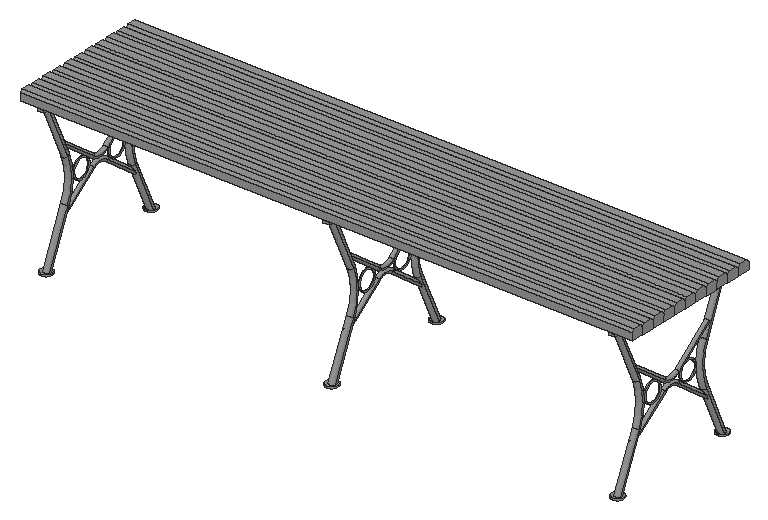
Revit family "6722 Стол садовый «Бульвар» Хоббика", category Антураж, Revit 2018
Family settings
  На основе рабочей плоскости = Нет
  Всегда вертикально = Да
  При загрузке вырезать с полостями = Нет
  Источник визуального образа = Геометрия семейства
  Общий = Нет
  Точка расчета площади = Нет
Parameters (values of type "Версия 3,0 м")
  Ширна = 710 mm  # constant formula
  Цвет столешници = Дерево
  Цвет опор = Сталь
  Средняя опора = [Версия 3,0 м]  # yes
  Описание = if([Версия 1,2 м], "Стол садовый «Бульвар». Версия 1,2 м", if([Версия 1,5 м], "Стол садовый «Бульвар». Версия 1,5 м", if([Версия 1,8 м], "Стол садовый «Бульвар». Версия 1,8 м", if([Версия 2,0 м], "Стол садовый «Бульвар». Версия 2,0 м", "Стол садовый «Бульвар». Версия 3,0 м"))))  # "Стол садовый «Бульвар». Версия 3,0 м"
  Материал изделия = "Сталь, дерево"  # constant formula
  Изображение типоразмера = Стол садовый «Бульвар» Арт 6722.jpg
  Изготовитель = "ООО «Хоббика»"  # constant formula
  Длина = if([Версия 1,2 м], 1200 mm, if([Версия 1,5 м], 1500 mm, if([Версия 1,8 м], 1800 mm, if([Версия 2,0 м], 2000 mm, 3000 mm))))  # 3000 mm
  Группа модели = "Садовые столы"  # constant formula
  Высота = 780 mm  # constant formula
  Версия 3,0 м = yes
  Версия 2,0 м = no
  Версия 1,8 м = no
  Версия 1,5 м = no
  Версия 1,2 м = no
  Артикул товара = "Арт. 6722"  # constant formula
  URL = "https://hobbyka.ru/product/stol_sadovyi_bulvar"
Types (6, lengths in mm): name | Средняя опора | Описание | Длина | Версия 3,0 м | Версия 2,0 м | Версия 1,8 м | Версия 1,5 м | Версия 1,2 м
  (no name) | yes | "Стол садовый «Бульвар». Версия 3,0 м" | 3000 | yes | no | no | no | no
  Версия 1,2 м | no | "Стол садовый «Бульвар». Версия 1,2 м" | 1200 | no | no | no | no | yes
  Версия 1,5 м | no | "Стол садовый «Бульвар». Версия 1,5 м" | 1500 | no | no | no | yes | no
  Версия 1,8 м | no | "Стол садовый «Бульвар». Версия 1,8 м" | 1800 | no | no | yes | no | no
  Версия 2,0 м | no | "Стол садовый «Бульвар». Версия 2,0 м" | 2000 | no | yes | no | no | no
  Версия 3,0 м | yes | "Стол садовый «Бульвар». Версия 3,0 м" | 3000 | yes | no | no | no | no
Reference planes
  plane 1 "По центру (Вперед/Назад)": y = 0
  plane 2: z = 0
  plane 3 "По центру (Влево/Вправо)": x = 0
  plane 4: y = 710
  plane 5: x = 3000
  plane 6: z = 780
Forms (mm)
  Extrusion 1, solid, material "Дерево" <- "Цвет столешници"
    sketch origin (0, 0, 0) x (0, 1, 0) y (0, 0, 1)
      loop
        line (660, 780) -> (650, 770) -> (650, 732.202) -> (710, 732.202) -> (710, 770) -> (700, 780) -> (660, 780)
    from 0 to 3000
  Extrusion 2, solid, material "Дерево" <- "Цвет столешници"
    sketch origin (0, -650, 0) x (0, 1, 0) y (0, 0, 1)
      loop
        line (660, 780) -> (650, 770) -> (650, 732.202) -> (710, 732.202) -> (710, 770) -> (700, 780) -> (660, 780)
    from 0 to 3000
  Extrusion 3, solid, material "Дерево" <- "Цвет столешници"
    sketch origin (0, -65, 0) x (0, 1, 0) y (0, 0, 1)
      loop
        line (660, 780) -> (650, 770) -> (650, 732.202) -> (710, 732.202) -> (710, 770) -> (700, 780) -> (660, 780)
    from 0 to 3000
  Extrusion 4, solid, material "Дерево" <- "Цвет столешници"
    sketch origin (0, -130, 0) x (0, 1, 0) y (0, 0, 1)
      loop
        line (660, 780) -> (650, 770) -> (650, 732.202) -> (710, 732.202) -> (710, 770) -> (700, 780) -> (660, 780)
    from 0 to 3000
  Extrusion 5, solid, material "Дерево" <- "Цвет столешници"
    sketch origin (0, -195, 0) x (0, 1, 0) y (0, 0, 1)
      loop
        line (660, 780) -> (650, 770) -> (650, 732.202) -> (710, 732.202) -> (710, 770) -> (700, 780) -> (660, 780)
    from 0 to 3000
  Extrusion 6, solid, material "Дерево" <- "Цвет столешници"
    sketch origin (0, -260, 0) x (0, 1, 0) y (0, 0, 1)
      loop
        line (660, 780) -> (650, 770) -> (650, 732.202) -> (710, 732.202) -> (710, 770) -> (700, 780) -> (660, 780)
    from 0 to 3000
  Extrusion 7, solid, material "Дерево" <- "Цвет столешници"
    sketch origin (0, -325, 0) x (0, 1, 0) y (0, 0, 1)
      loop
        line (660, 780) -> (650, 770) -> (650, 732.202) -> (710, 732.202) -> (710, 770) -> (700, 780) -> (660, 780)
    from 0 to 3000
  Extrusion 8, solid, material "Дерево" <- "Цвет столешници"
    sketch origin (0, -390, 0) x (0, 1, 0) y (0, 0, 1)
      loop
        line (660, 780) -> (650, 770) -> (650, 732.202) -> (710, 732.202) -> (710, 770) -> (700, 780) -> (660, 780)
    from 0 to 3000
  Extrusion 9, solid, material "Дерево" <- "Цвет столешници"
    sketch origin (0, -455, 0) x (0, 1, 0) y (0, 0, 1)
      loop
        line (660, 780) -> (650, 770) -> (650, 732.202) -> (710, 732.202) -> (710, 770) -> (700, 780) -> (660, 780)
    from 0 to 3000
  Extrusion 10, solid, material "Дерево" <- "Цвет столешници"
    sketch origin (0, -520, 0) x (0, 1, 0) y (0, 0, 1)
      loop
        line (660, 780) -> (650, 770) -> (650, 732.202) -> (710, 732.202) -> (710, 770) -> (700, 780) -> (660, 780)
    from 0 to 3000
  Extrusion 11, solid, material "Дерево" <- "Цвет столешници"
    sketch origin (0, -585, 0) x (0, 1, 0) y (0, 0, 1)
      loop
        line (660, 780) -> (650, 770) -> (650, 732.202) -> (710, 732.202) -> (710, 770) -> (700, 780) -> (660, 780)
    from 0 to 3000
Dimensions and locks
  "Длина": plane 3 "По центру (Влево/Вправо)" to plane 5
  "Ширна": plane 4 to plane 1 "По центру (Вперед/Назад)"
  locked: plane 3 "По центру (Влево/Вправо)" to nested 1 at 100
  locked: nested 3 to plane 5 at 100
  equal spacing: plane 3 "По центру (Влево/Вправо)", nested 2, plane 5
  "Высота": plane 6 to plane 2
  aligned and locked: level to plane 2
  aligned and locked: plane 1 "По центру (Вперед/Назад)" to nested 1
  aligned and locked: plane 1 "По центру (Вперед/Назад)" to nested 2
  aligned and locked: plane 1 "По центру (Вперед/Назад)" to nested 3
  aligned and locked: Extrusion 1 to plane 3 "По центру (Влево/Вправо)"
  aligned and locked: plane 5 to Extrusion 1
  aligned and locked: plane 5 to Extrusion 3
  aligned and locked: plane 5 to Extrusion 5
  aligned and locked: plane 5 to Extrusion 4
  aligned and locked: plane 5 to Extrusion 6
  aligned and locked: plane 5 to Extrusion 7
  aligned and locked: plane 5 to Extrusion 8
  aligned and locked: plane 5 to Extrusion 9
  aligned and locked: plane 5 to Extrusion 10
  aligned and locked: plane 5 to Extrusion 11
  aligned and locked: plane 5 to Extrusion 2
Automatic sketch dimensions
  Extrusion 1 sketch curve to Extrusion 1 sketch curve = 47.798 mm
  Extrusion 1 sketch curve to Extrusion 1 sketch curve = 10 mm  (x4)
  Extrusion 1 sketch curve to Extrusion 1 sketch curve = 40 mm
  Extrusion 2 sketch curve to Extrusion 2 sketch curve = 47.798 mm
  Extrusion 2 sketch curve to Extrusion 2 sketch curve = 10 mm  (x4)
  Extrusion 2 sketch curve to Extrusion 2 sketch curve = 40 mm
  Extrusion 3 sketch curve to Extrusion 3 sketch curve = 47.798 mm
  Extrusion 3 sketch curve to Extrusion 3 sketch curve = 10 mm  (x4)
  Extrusion 3 sketch curve to Extrusion 3 sketch curve = 40 mm
  Extrusion 4 sketch curve to Extrusion 4 sketch curve = 47.798 mm
  Extrusion 4 sketch curve to Extrusion 4 sketch curve = 10 mm  (x4)
  Extrusion 4 sketch curve to Extrusion 4 sketch curve = 40 mm
  Extrusion 5 sketch curve to Extrusion 5 sketch curve = 47.798 mm
  Extrusion 5 sketch curve to Extrusion 5 sketch curve = 10 mm  (x4)
  Extrusion 5 sketch curve to Extrusion 5 sketch curve = 40 mm
  Extrusion 6 sketch curve to Extrusion 6 sketch curve = 47.798 mm
  Extrusion 6 sketch curve to Extrusion 6 sketch curve = 10 mm  (x4)
  Extrusion 6 sketch curve to Extrusion 6 sketch curve = 40 mm
  Extrusion 7 sketch curve to Extrusion 7 sketch curve = 47.798 mm
  Extrusion 7 sketch curve to Extrusion 7 sketch curve = 10 mm  (x4)
  Extrusion 7 sketch curve to Extrusion 7 sketch curve = 40 mm
  Extrusion 8 sketch curve to Extrusion 8 sketch curve = 47.798 mm
  Extrusion 8 sketch curve to Extrusion 8 sketch curve = 10 mm  (x4)
  Extrusion 8 sketch curve to Extrusion 8 sketch curve = 40 mm
  Extrusion 9 sketch curve to Extrusion 9 sketch curve = 47.798 mm
  Extrusion 9 sketch curve to Extrusion 9 sketch curve = 10 mm  (x4)
  Extrusion 9 sketch curve to Extrusion 9 sketch curve = 40 mm
  Extrusion 10 sketch curve to Extrusion 10 sketch curve = 47.798 mm
  Extrusion 10 sketch curve to Extrusion 10 sketch curve = 10 mm  (x4)
  Extrusion 10 sketch curve to Extrusion 10 sketch curve = 40 mm
  Extrusion 11 sketch curve to Extrusion 11 sketch curve = 47.798 mm
  Extrusion 11 sketch curve to Extrusion 11 sketch curve = 10 mm  (x4)
  Extrusion 11 sketch curve to Extrusion 11 sketch curve = 40 mm
  Extrusion 1 sketch curve to plane 6 = 0 mm
  Extrusion 1 sketch curve to plane 4 = 0 mm
  Extrusion 2 sketch curve to plane 1 "По центру (Вперед/Назад)" = 0 mm
  Extrusion 2 sketch curve to plane 6 = 0 mm
  Extrusion 3 sketch curve to plane 6 = 0 mm
  Extrusion 3 sketch curve to plane 4 = 125 mm
  Extrusion 4 sketch curve to plane 6 = 0 mm
  Extrusion 4 sketch curve to plane 4 = 190 mm
  Extrusion 5 sketch curve to plane 6 = 0 mm
  Extrusion 5 sketch curve to plane 4 = 255 mm
  Extrusion 6 sketch curve to plane 6 = 0 mm
  Extrusion 6 sketch curve to plane 4 = 320 mm
  Extrusion 7 sketch curve to plane 6 = 0 mm
  Extrusion 7 sketch curve to plane 1 "По центру (Вперед/Назад)" = 325 mm
  Extrusion 8 sketch curve to plane 6 = 0 mm
  Extrusion 8 sketch curve to plane 1 "По центру (Вперед/Назад)" = 260 mm
  Extrusion 9 sketch curve to plane 6 = 0 mm
  Extrusion 9 sketch curve to plane 1 "По центру (Вперед/Назад)" = 195 mm
  Extrusion 10 sketch curve to plane 6 = 0 mm
  Extrusion 10 sketch curve to plane 1 "По центру (Вперед/Назад)" = 130 mm
  Extrusion 11 sketch curve to plane 6 = 0 mm
  Extrusion 11 sketch curve to plane 1 "По центру (Вперед/Назад)" = 65 mm
Nested families
  nested 1: "Стол садовый «Бульвар» Арт 6722 опора" at (100, 0, 0), type "Стол садовый «Бульвар» Арт 6722 опора"
  nested 2: "Стол садовый «Бульвар» Арт 6722 опора" at (1500, 0, 0), visible <- "Средняя опора", type "Стол садовый «Бульвар» Арт 6722 опора"
  nested 3: "Стол садовый «Бульвар» Арт 6722 опора" at (2900, 0, 0), type "Стол садовый «Бульвар» Арт 6722 опора"
Definition of nested family "Стол садовый «Бульвар» Арт 6722 опора"
  Parameters (values of type "Стол садовый «Бульвар» Арт 6722 опора")
    Цвет опор = none
    Height = 0 mm
  Reference planes
    plane 1 "По центру (Вперед/Назад)": y = 0
    plane 2: z = 0
    plane 3 "По центру (Влево/Вправо)": x = 0
    plane 4: y = 710
    plane 5: z = 780
  Forms (mm)
    Sweep 1, solid, material <- "Цвет опор"
      path origin (0, 0, 0) x (0, 1, 0) y (0, 0, 1)
        loop
          line (690, 720) -> (574.99, 461.684)
          arc (574.99, 461.684) -> (554.282, 360) -> (574.99, 258.316) r 260
          line (574.99, 258.316) -> (690, 0)
      profile origin (0, 632.495, 590.842) x (0, 0.913545, -0.406737) y (1, 0, 0)
        loop
          circle (-15, 0) r 15
    Sweep 2, solid, material <- "Цвет опор"
      path origin (0, 710, 0) x (0, -1, 0) y (0, 0, 1)
        loop
          line (690, 720) -> (574.99, 461.684)
          arc (574.99, 461.684) -> (554.282, 360) -> (574.99, 258.316) r 260
          line (574.99, 258.316) -> (690, 0)
      profile origin (0, 77.505, 590.842) x (0, 0.913545, 0.406737) y (1, 0, 0)
        loop
          circle (15, 0) r 15
    Sweep 3, solid, material <- "Цвет опор"
      path origin (0, 0, 0) x (0, 1, 0) y (0, 0, 1)
        loop
          line (581.344, 543.082) -> (391.109, 399.73)
          arc (391.109, 399.73) -> (355, 387.648) -> (318.891, 399.73) r 60
          line (318.891, 399.73) -> (128.656, 543.082)
      profile origin (0, 486.226, 471.406) x (0, 0.601815, -0.798636) y (1, 0, 0)
        loop
          circle (10, 0) r 10
    Sweep 4, solid, material <- "Цвет опор"
      path origin (0, 0, 732.5) x (0, 1, 0) y (0, 0, -1)
        loop
          line (581.344, 543.082) -> (391.109, 399.73)
          arc (391.109, 399.73) -> (355, 387.648) -> (318.891, 399.73) r 60
          line (318.891, 399.73) -> (128.656, 543.082)
      profile origin (0, 486.226, 261.094) x (0, -0.601815, -0.798636) y (1, 0, 0)
        loop
          circle (-10, 0) r 10
    Extrusion 5, solid, material <- "Цвет опор"
      sketch origin (0, 0, 0) x (0, 1, 0) y (0, 0, 1)
        loop
          circle (246.827, 366.249) r 50
        loop
          circle (246.827, 366.249) r 45
        loop
          circle (463.173, 366.249) r 50
        loop
          circle (463.173, 366.249) r 45
      from -2.5 to 2.5
    Extrusion 6, solid, material <- "Цвет опор"
      sketch origin (0, 0, 0) x (0, 1, 0) y (0, 0, 1)
        loop
          line (710, 732.202) -> (0, 732.202) -> (0, 720) -> (710, 720) -> (710, 732.202)
      from -15 to 15
    Extrusion 7, solid, material <- "Цвет опор"
      sketch origin (0, 0, 0) x (1, 0, 0) y (0, 1, 0)
        loop
          circle (0, 676.297) r 30
        loop
          circle (0, 33.703) r 30
      from 0 to 5
    Extrusion 8, void
      sketch origin (0, 0, 0) x (0, 1, 0) y (0, 0, 1)
        loop
          line (646.297, 0) -> (646.297, -22.285) -> (710, -22.285) -> (710, 0) -> (646.297, 0)
        loop
          line (63.703, 0) -> (0, 0) -> (0, -24.418) -> (63.703, -24.418) -> (63.703, 0)
      from -21.834 to 21.769
  Cuts and joins
    Extrusion 8 cuts Sweep 1
    Extrusion 8 cuts Sweep 2
    Extrusion 8 cuts Extrusion 7
  Dimensions and locks
    aligned and locked: level to plane 2
